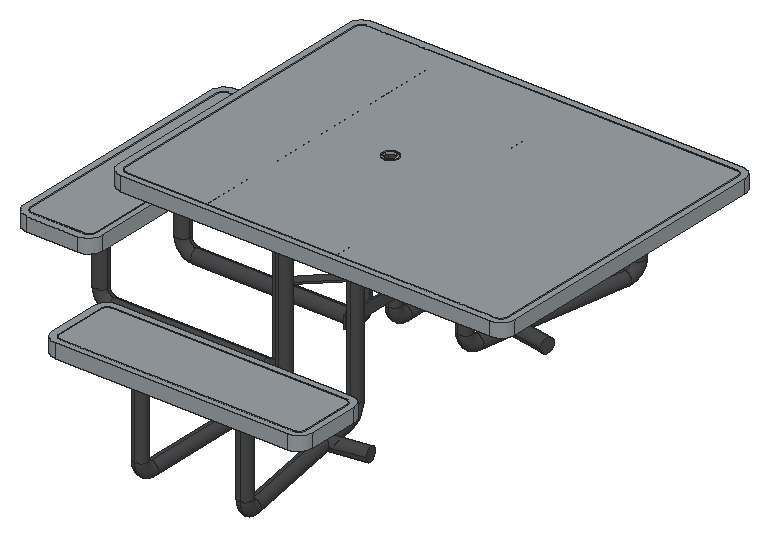
Revit family "OF-T46SQx-ADA", category Furniture, Revit 2021
Family settings
  Work Plane-Based = No
  Always vertical = Yes
  Cut with Voids When Loaded = No
  Shared = No
  Room Calculation Point = No
Parameters (values of type "OF-T46SQP")
  Top Panel [instance] = Getzen Gray Expanded
  Top Frame [instance] = Getzen Gray Solid
  Seat Panel [instance] = Getzen Gray Expanded
  Seat Frame [instance] = Getzen Gray Solid
  HS Seat Count = 6
  Frame [instance] = Getzen Black Solid
  Surface Mount = no
  Mount = no
  Model = "OF-T46SQP"
  In Ground = no
  ES Seat Count = 6
  Default Elevation = 0' - 0"
Types (3): name | Surface Mount | Mount | Model | In Ground
  OF-T46SQP | no | no | "OF-T46SQP" | no
  OF-T46SQSM | yes | yes | "OF-T46SQSM" | no
  OF-T46SQIG | no | yes | "OF-T46SQIG" | yes
Reference planes (in)
  plane 1 "Center (Front/Back)": y = 0
  plane 2: z = 0
  plane 3 "Center (Left/Right)": x = 0
  plane 4 "29"": z = 29.5
  plane 5 "Seat Height": z = 16.5
Forms (in)
  Sweep 1, solid, material "Getzen Black Solid" <- "Frame"
    path origin (0, 0, 0) x (1, 0, 0) y (0, 0, 1)
      loop
        line (-10, 27.5) -> (-10, 3)
        arc (-10, 3) -> (-10.58579, 1.58579) -> (-12, 1) r 2
        line (-12, 1) -> (-34.375, 1)
        arc (-34.375, 1) -> (-35.78921, 1.58579) -> (-36.375, 3) r 2
        line (-36.375, 3) -> (-36.375, 14.5)
    profile origin (-10, 0, 15.25) x (0, -1, 0) y (1, 0, 0)
      loop
        circle (7.5, 0) r 1
  Sweep 2, solid, material "Getzen Black Solid" <- "Frame"
    path origin (0, -0.5, 0) x (1, 0, 0) y (0, 0, -1)
      loop
        line (-10, -27.5) -> (-10, -3)
        arc (-10, -3) -> (-10.58579, -1.58579) -> (-12, -1) r 2
        line (-12, -1) -> (-34.375, -1)
        arc (-34.375, -1) -> (-35.78921, -1.58579) -> (-36.375, -3) r 2
        line (-36.375, -3) -> (-36.375, -14.5)
    profile origin (-10, -0.5, 15.25) x (0, 1, 0) y (-1, 0, 0)
      loop
        circle (8, 0) r 1
  Extrusion 3, solid, material "Getzen Gray Solid" <- "Top Frame"
    sketch origin (0, 0, 0) x (1, 0, 0) y (0, 1, 0)
      loop
        line (-9.375, 9.375) -> (-9.375, -9.375) -> (9.375, -9.375) -> (9.375, 9.375) -> (-9.375, 9.375)
      loop
        line (9.625, 9.375) -> (34, 9.375) -> (34, 9.625) -> (9.625, 9.625) -> (9.625, 22) -> (9.375, 22) -> (9.375, 9.625) -> (-9.375, 9.625) -> (-9.375, 22) -> (-9.625, 22) -> (-9.625, 9.625) -> (-22, 9.625) -> (-22, 9.375) -> (-9.625, 9.375) -> (-9.625, -9.375) -> (-22, -9.375) -> (-22, -9.625) -> (-9.625, -9.625) -> (-9.625, -22) -> (-9.375, -22) -> (-9.375, -9.625) -> (9.375, -9.625) -> (9.375, -22) -> (9.625, -22) -> (9.625, -9.625) -> (34, -9.625) -> (34, -9.375) -> (9.625, -9.375) -> (9.625, 9.375)
    from 27.5 to 29.375
  Extrusion 4, solid, material "Getzen Black Solid" <- "Frame"
    sketch origin (0, 0, 0) x (1, 0, 0) y (0, 1, 0)
      loop
        line (-9.375, 8.28062) -> (-1.24327, 0.1489) -> (-0.1489, 1.24327) -> (-8.28062, 9.375) -> (-9.375, 8.28062)
      loop
        line (-9.375, -8.28062) -> (-8.28062, -9.375) -> (-0.1489, -1.24327) -> (-1.24327, -0.1489) -> (-9.375, -8.28062)
    from 13.75 to 14
  Extrusion 5, solid, material "Getzen Black Solid" <- "Frame"
    sketch origin (0, 0, 0) x (1, 0, 0) y (0, 1, 0)
      loop
        circle (0, 0) r 1.128
      loop
        circle (0, 0) r 0.875
    from 12 to 14
  Extrusion 6, solid, material "Getzen Black Solid" <- "Frame"
    sketch origin (0, 0, 0) x (1, 0, 0) y (0, 1, 0)
      loop
        line (-9.375, 8.28062) -> (-9.19822, 8.10385) -> (-8.10385, 9.19822) -> (-8.28062, 9.375) -> (-9.375, 8.28062)
      loop
        line (-9.375, -8.28062) -> (-8.28062, -9.375) -> (-8.10385, -9.19822) -> (-9.19822, -8.10385) -> (-9.375, -8.28062)
      loop
        line (1.625, 10.5) -> (1.625, 0.125) -> (1.01113, 0.125) -> (1.01113, -0.125) -> (1.6051, -0.125) -> (1.6051, -10.5) -> (1.875, -10.5) -> (1.875, 10.5) -> (1.625, 10.5)
    from 12 to 13.75
  Extrusion 7, solid, material "Getzen Gray Solid" <- "Top Frame"
    sketch origin (0, 0, 0) x (1, 0, 0) y (0, 1, 0)
      loop
        circle (0, 0) r 0.875
      loop
        circle (0, 0) r 1.128
    from 29.25 to 29.5
  Extrusion 8, solid, material "Getzen Black Solid" <- "Frame", visible <- "Mount"
    sketch origin (0, 0, 0) x (1, 0, 0) y (0, 1, 0)
      loop
        circle (-23.1875, 9) r 0.75
    from 0 to 0.4257
  Extrusion 9, solid, material "Getzen Hardware", visible <- "Mount"
    sketch origin (0, 0, 0) x (1, 0, 0) y (0, 1, 0)
      loop
        circle (-23.1875, 9) r 0.375
    from 0.25 to 0.5
  Extrusion 10, solid, material "Getzen Hardware", visible <- "Surface Mount"
    sketch origin (0, 0, 0) x (1, 0, 0) y (0, 1, 0)
      loop
        circle (-23.1875, 9) r 1
    from -2 to 0
  Extrusion 11, solid, material "Getzen Hardware", visible <- "In Ground"
    sketch origin (0, 0, 0) x (1, 0, 0) y (0, 1, 0)
      loop
        circle (-23.1875, 9) r 2
    from -8 to 0
  Sweep 12, solid, material "Getzen Black Solid" <- "Frame"
    path origin (0, 0, 0) x (0, -1, 0) y (0, 0, 1)
      loop
        line (-10, 27.5) -> (-10, 3)
        arc (-10, 3) -> (-10.58579, 1.58579) -> (-12, 1) r 2
        line (-12, 1) -> (-34.375, 1)
        arc (-34.375, 1) -> (-35.78921, 1.58579) -> (-36.375, 3) r 2
        line (-36.375, 3) -> (-36.375, 14.5)
    profile origin (0, 10, 15.25) x (-1, 0, 0) y (0, -1, 0)
      loop
        circle (7.5, 0) r 1
  Sweep 13, solid, material "Getzen Black Solid" <- "Frame"
    path origin (-6.77783, 1.56336, 0) x (-0.175744, -0.984436, 0) y (0, 0, -1)
      loop
        line (-10, -27.5) -> (-10, -3)
        arc (-10, -3) -> (-10.58579, -1.58579) -> (-12, -1) r 2
        line (-12, -1) -> (-34.375, -1)
        arc (-34.375, -1) -> (-35.78921, -1.58579) -> (-36.375, -3) r 2
        line (-36.375, -3) -> (-36.375, -14.5)
    profile origin (-5.02039, 11.40772, 15.25) x (0.984436, -0.175744, 0) y (0.175744, 0.984436, 0)
      loop
        circle (8, 0) r 1
  Sweep 14, solid, material "Getzen Black Solid" <- "Frame"
    path origin (0.5, 0, 0) x (0, 1, 0) y (0, 0, -1)
      loop
        line (-10, -27.5) -> (-10, -3)
        arc (-10, -3) -> (-10.58579, -1.58579) -> (-12, -1) r 2
        line (-12, -1) -> (-34.375, -1)
        arc (-34.375, -1) -> (-35.78921, -1.58579) -> (-36.375, -3) r 2
        line (-36.375, -3) -> (-36.375, -14.5)
    profile origin (0.5, -10, 15.25) x (-1, 0, 0) y (0, -1, 0)
      loop
        circle (8, 0) r 1
  Extrusion 15, solid, material "Getzen Black Solid" <- "Frame", visible <- "Mount"
    sketch origin (0, 0, 0) x (0, 1, 0) y (-1, 0, 0)
      loop
        circle (-23.1875, 9) r 0.75
    from 0 to 0.4257
  Extrusion 16, solid, material "Getzen Hardware", visible <- "Mount"
    sketch origin (0, 0, 0) x (0, 1, 0) y (-1, 0, 0)
      loop
        circle (-23.1875, 9) r 0.375
    from 0.25 to 0.5
  Extrusion 17, solid, material "Getzen Hardware", visible <- "Surface Mount"
    sketch origin (0, 0, 0) x (0, 1, 0) y (-1, 0, 0)
      loop
        circle (-23.1875, 9) r 1
    from -2 to 0
  Extrusion 18, solid, material "Getzen Hardware", visible <- "In Ground"
    sketch origin (0, 0, 0) x (0, 1, 0) y (-1, 0, 0)
      loop
        circle (-23.1875, 9) r 2
    from -8 to 0
  Extrusion 19, solid, material "Getzen Gray Solid" <- "Seat Frame"
    sketch origin (0, 0, 0) x (1, 0, 0) y (0, 1, 0)
      loop
        arc (-38, 19) -> (-39.41421, 18.41421) -> (-40, 17) r 2
        line (-40, 17) -> (-40, -17)
        arc (-40, -17) -> (-39.41421, -18.41421) -> (-38, -19) r 2
        line (-38, -19) -> (-30.5, -19)
        arc (-30.5, -19) -> (-29.08579, -18.41421) -> (-28.5, -17) r 2
        line (-28.5, -17) -> (-28.5, 17)
        arc (-28.5, 17) -> (-29.08579, 18.41421) -> (-30.5, 19) r 2
        line (-30.5, 19) -> (-38, 19)
      loop
        line (-39, 17) -> (-39, -17)
        arc (-39, -17) -> (-38.70711, -17.70711) -> (-38, -18) r 1
        line (-38, -18) -> (-30.5, -18)
        arc (-30.5, -18) -> (-29.79289, -17.70711) -> (-29.5, -17) r 1
        line (-29.5, -17) -> (-29.5, 17)
        arc (-29.5, 17) -> (-29.79289, 17.70711) -> (-30.5, 18) r 1
        line (-30.5, 18) -> (-38, 18)
        arc (-38, 18) -> (-38.70711, 17.70711) -> (-39, 17) r 1
    from 14.5 to 16.5
  Extrusion 20, solid, material "Getzen Gray Expanded" <- "Seat Panel"
    sketch origin (0, 0, 0) x (1, 0, 0) y (0, 1, 0)
      loop
        arc (-38, 18) -> (-38.70711, 17.70711) -> (-39, 17) r 1
        line (-39, 17) -> (-39, -17)
        arc (-39, -17) -> (-38.70711, -17.70711) -> (-38, -18) r 1
        line (-38, -18) -> (-30.5, -18)
        arc (-30.5, -18) -> (-29.79289, -17.70711) -> (-29.5, -17) r 1
        line (-29.5, -17) -> (-29.5, 17)
        arc (-29.5, 17) -> (-29.79289, 17.70711) -> (-30.5, 18) r 1
        line (-30.5, 18) -> (-38, 18)
    from 16.375 to 16.5
  Extrusion 21, solid, material "Getzen Gray Solid" <- "Top Frame"
    sketch origin (0, 0, 0) x (1, 0, 0) y (0, 1, 0)
      loop
        arc (-21, 23) -> (-22.41421, 22.41421) -> (-23, 21) r 2
        line (-23, 21) -> (-23, -21)
        arc (-23, -21) -> (-22.41421, -22.41421) -> (-21, -23) r 2
        line (-21, -23) -> (33, -23)
        arc (33, -23) -> (34.41421, -22.41421) -> (35, -21) r 2
        line (35, -21) -> (35, 21)
        arc (35, 21) -> (34.41421, 22.41421) -> (33, 23) r 2
        line (33, 23) -> (-21, 23)
      loop
        arc (-21, 22) -> (-21.70711, 21.70711) -> (-22, 21) r 1
        line (-22, 21) -> (-22, -21)
        arc (-22, -21) -> (-21.70711, -21.70711) -> (-21, -22) r 1
        line (-21, -22) -> (33, -22)
        arc (33, -22) -> (33.70711, -21.70711) -> (34, -21) r 1
        line (34, -21) -> (34, 21)
        arc (34, 21) -> (33.70711, 21.70711) -> (33, 22) r 1
        line (33, 22) -> (-21, 22)
    from 27.5 to 29.5
  Extrusion 22, solid, material "Getzen Gray Expanded" <- "Top Panel"
    sketch origin (0, 0, 0) x (1, 0, 0) y (0, 1, 0)
      loop
        circle (0, 0) r 1.128
      loop
        arc (-21, 22) -> (-21.70711, 21.70711) -> (-22, 21) r 1
        line (-22, 21) -> (-22, -21)
        arc (-22, -21) -> (-21.70711, -21.70711) -> (-21, -22) r 1
        line (-21, -22) -> (33, -22)
        arc (33, -22) -> (33.70711, -21.70711) -> (34, -21) r 1
        line (34, -21) -> (34, 21)
        arc (34, 21) -> (33.70711, 21.70711) -> (33, 22) r 1
        line (33, 22) -> (-21, 22)
    from 29.375 to 29.5
  Extrusion 23, solid, material "Getzen Gray Solid" <- "Seat Frame"
    sketch origin (0, 0, 1.5) x (0, 1, 0) y (0, 0, 1)
      loop
        line (8.5, 13) -> (8.5, 14.5) -> (8.375, 14.5) -> (8.375, 13.125) -> (6.5, 13.125) -> (6.5, 13) -> (8.5, 13)
      loop
        line (-8.5, 13) -> (-6.5, 13) -> (-6.5, 13.125) -> (-8.375, 13.125) -> (-8.375, 14.5) -> (-8.5, 14.5) -> (-8.5, 13)
    from -29.5 to -39
  Extrusion 24, solid, material "Getzen Gray Solid" <- "Seat Frame"
    sketch origin (0, 0, 0) x (0, -1, 0) y (1, 0, 0)
      loop
        arc (-38, 19) -> (-39.41421, 18.41421) -> (-40, 17) r 2
        line (-40, 17) -> (-40, -17)
        arc (-40, -17) -> (-39.41421, -18.41421) -> (-38, -19) r 2
        line (-38, -19) -> (-30.5, -19)
        arc (-30.5, -19) -> (-29.08579, -18.41421) -> (-28.5, -17) r 2
        line (-28.5, -17) -> (-28.5, 17)
        arc (-28.5, 17) -> (-29.08579, 18.41421) -> (-30.5, 19) r 2
        line (-30.5, 19) -> (-38, 19)
      loop
        line (-39, 17) -> (-39, -17)
        arc (-39, -17) -> (-38.70711, -17.70711) -> (-38, -18) r 1
        line (-38, -18) -> (-30.5, -18)
        arc (-30.5, -18) -> (-29.79289, -17.70711) -> (-29.5, -17) r 1
        line (-29.5, -17) -> (-29.5, 17)
        arc (-29.5, 17) -> (-29.79289, 17.70711) -> (-30.5, 18) r 1
        line (-30.5, 18) -> (-38, 18)
        arc (-38, 18) -> (-38.70711, 17.70711) -> (-39, 17) r 1
    from 14.5 to 16.5
  Extrusion 25, solid, material "Getzen Gray Expanded" <- "Seat Panel"
    sketch origin (0, 0, 0) x (0, -1, 0) y (1, 0, 0)
      loop
        arc (-38, 18) -> (-38.70711, 17.70711) -> (-39, 17) r 1
        line (-39, 17) -> (-39, -17)
        arc (-39, -17) -> (-38.70711, -17.70711) -> (-38, -18) r 1
        line (-38, -18) -> (-30.5, -18)
        arc (-30.5, -18) -> (-29.79289, -17.70711) -> (-29.5, -17) r 1
        line (-29.5, -17) -> (-29.5, 17)
        arc (-29.5, 17) -> (-29.79289, 17.70711) -> (-30.5, 18) r 1
        line (-30.5, 18) -> (-38, 18)
    from 16.375 to 16.5
  Extrusion 26, solid, material "Getzen Gray Solid" <- "Seat Frame"
    sketch origin (0, 0, 1.5) x (1, 0, 0) y (0, 0, 1)
      loop
        line (8.5, 13) -> (8.5, 14.5) -> (8.375, 14.5) -> (8.375, 13.125) -> (6.5, 13.125) -> (6.5, 13) -> (8.5, 13)
      loop
        line (-8.5, 13) -> (-6.5, 13) -> (-6.5, 13.125) -> (-8.375, 13.125) -> (-8.375, 14.5) -> (-8.5, 14.5) -> (-8.5, 13)
    from -29.5 to -39
  Extrusion 27, solid, material "Getzen Gray Solid" <- "Seat Frame"
    sketch origin (0, 0, 0) x (0, 1, 0) y (-1, 0, 0)
      loop
        line (-38, -19) -> (-30.5, -19)
        arc (-30.5, -19) -> (-29.08579, -18.41421) -> (-28.5, -17) r 2
        line (-28.5, -17) -> (-28.5, 17)
        arc (-28.5, 17) -> (-29.08579, 18.41421) -> (-30.5, 19) r 2
        line (-30.5, 19) -> (-38, 19)
        arc (-38, 19) -> (-39.41421, 18.41421) -> (-40, 17) r 2
        line (-40, 17) -> (-40, -17)
        arc (-40, -17) -> (-39.41421, -18.41421) -> (-38, -19) r 2
      loop
        arc (-39, -17) -> (-38.70711, -17.70711) -> (-38, -18) r 1
        line (-38, -18) -> (-30.5, -18)
        arc (-30.5, -18) -> (-29.79289, -17.70711) -> (-29.5, -17) r 1
        line (-29.5, -17) -> (-29.5, 17)
        arc (-29.5, 17) -> (-29.79289, 17.70711) -> (-30.5, 18) r 1
        line (-30.5, 18) -> (-38, 18)
        arc (-38, 18) -> (-38.70711, 17.70711) -> (-39, 17) r 1
        line (-39, 17) -> (-39, -17)
    from 14.5 to 16.5
  Extrusion 28, solid, material "Getzen Gray Expanded" <- "Seat Panel"
    sketch origin (0, 0, 0) x (0, 1, 0) y (-1, 0, 0)
      loop
        line (-38, -18) -> (-30.5, -18)
        arc (-30.5, -18) -> (-29.79289, -17.70711) -> (-29.5, -17) r 1
        line (-29.5, -17) -> (-29.5, 17)
        arc (-29.5, 17) -> (-29.79289, 17.70711) -> (-30.5, 18) r 1
        line (-30.5, 18) -> (-38, 18)
        arc (-38, 18) -> (-38.70711, 17.70711) -> (-39, 17) r 1
        line (-39, 17) -> (-39, -17)
        arc (-39, -17) -> (-38.70711, -17.70711) -> (-38, -18) r 1
    from 16.375 to 16.5
  Extrusion 29, solid, material "Getzen Gray Solid" <- "Seat Frame"
    sketch origin (0, 0, 1.5) x (1, 0, 0) y (0, 0, -1)
      loop
        line (8.5, -13) -> (6.5, -13) -> (6.5, -13.125) -> (8.375, -13.125) -> (8.375, -14.5) -> (8.5, -14.5) -> (8.5, -13)
      loop
        line (-8.5, -13) -> (-8.5, -14.5) -> (-8.375, -14.5) -> (-8.375, -13.125) -> (-6.5, -13.125) -> (-6.5, -13) -> (-8.5, -13)
    from -29.5 to -39
  Extrusion 30, solid, material "Getzen Black Solid" <- "Frame"
    sketch origin (2.027, -0.36152, 0) x (-0.175581, -0.984465, 0) y (0, 0, 1)
      loop
        circle (-17.67404, 1) r 1
    from -5 to 1
  Sweep 31, solid, material "Getzen Black Solid" <- "Frame"
    path origin (-6.77783, -1.56336, 0) x (-0.175744, 0.984436, 0) y (0, 0, 1)
      loop
        line (-10, 27.5) -> (-10, 3)
        arc (-10, 3) -> (-10.58579, 1.58579) -> (-12, 1) r 2
        line (-12, 1) -> (-34.375, 1)
        arc (-34.375, 1) -> (-35.78921, 1.58579) -> (-36.375, 3) r 2
        line (-36.375, 3) -> (-36.375, 14.5)
    profile origin (-5.02039, -11.40772, 15.25) x (0.984436, 0.175744, 0) y (-0.175744, 0.984436, 0)
      loop
        circle (8, 0) r 1
  Extrusion 32, solid, material "Getzen Black Solid" <- "Frame"
    sketch origin (2.027, 0.36152, 0) x (-0.175581, 0.984465, 0) y (0, 0, -1)
      loop
        circle (-17.67404, -1) r 1
    from -5 to 1
Cuts and joins
  joined: Sweep 13, Extrusion 30
Dimensions and locks (in)
  plane 4 "29"" to level = 2' - 5 1/2"
  plane 5 "Seat Height" to level = 1' - 4 1/2"
  Extrusion 21 sketch curve to Extrusion 21 sketch curve = 4' - 10"
  aligned and locked: plane 2 to level
